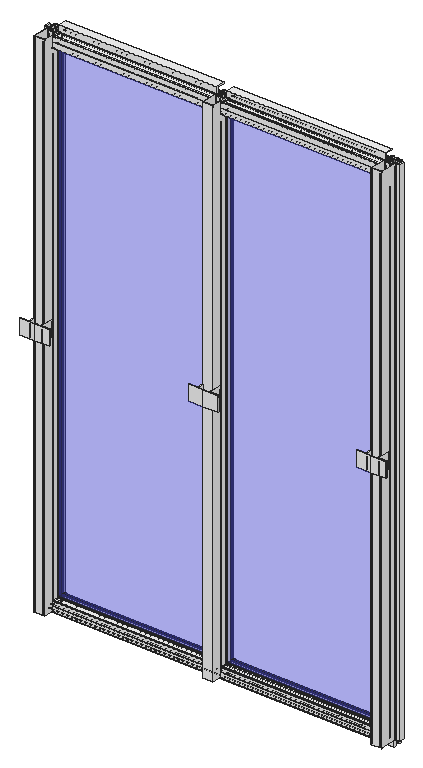
Revit family "Facade_60_Curtain_Wall_I21_Custom", category Windows, host Wall, Revit 2014 (continued)
Definition of nested family "F60 Vertical Profile Side_I21_Cust"
  Automatic sketch dimensions
    Extrusion 9 sketch curve to plane 1 "Center (Front/Back)" = 1.745 mm
    Extrusion 9 sketch curve to Extrusion 9 sketch curve = 0.356 mm
    plane 1 "Center (Front/Back)" to Extrusion 9 sketch curve = 9.206 mm  (x2)
    Extrusion 9 sketch curve to Extrusion 9 sketch curve = 1.647 mm
    Extrusion 9 sketch curve to Extrusion 9 sketch curve = 0.701 mm
    Extrusion 9 sketch curve to Extrusion 9 sketch curve = 0.992 mm
    Extrusion 9 sketch curve to Extrusion 9 sketch curve = 0.003 mm
    Extrusion 9 sketch curve to Extrusion 9 sketch curve = 0.002 mm
    Extrusion 9 sketch curve to Extrusion 9 sketch curve = 0.004 mm
    Extrusion 9 sketch curve to Extrusion 9 sketch curve = 0.708 mm
    Extrusion 9 sketch curve to plane 1 "Center (Front/Back)" = 1.946 mm
    Extrusion 9 sketch curve to Extrusion 9 sketch curve = 0.899 mm
    Extrusion 9 sketch curve to Extrusion 9 sketch curve = 0.444 mm
    Extrusion 9 sketch curve to Extrusion 9 sketch curve = 3.038 mm
    Extrusion 9 sketch curve to plane 1 "Center (Front/Back)" = 0.385 mm  (x2)
    Extrusion 9 sketch curve to Extrusion 9 sketch curve = 0.756 mm
    Extrusion 9 sketch curve to Extrusion 9 sketch curve = 2.153 mm
    Extrusion 9 sketch curve to Extrusion 9 sketch curve = 0.631 mm
    Extrusion 9 sketch curve to Extrusion 9 sketch curve = 0.807 mm
    Extrusion 9 sketch curve to Extrusion 9 sketch curve = 1.646 mm
    Extrusion 9 sketch curve to Extrusion 9 sketch curve = 0.707 mm
    Extrusion 9 sketch curve to Extrusion 9 sketch curve = 1.393 mm
    Extrusion 9 sketch curve to Extrusion 9 sketch curve = 1.923 mm
    Extrusion 9 sketch curve to Extrusion 9 sketch curve = 11.937 mm
    Extrusion 9 sketch curve to Extrusion 9 sketch curve = 1.6 mm
    Extrusion 9 sketch curve to Extrusion 9 sketch curve = 0.9 mm  (x2)
    Extrusion 9 sketch curve to Extrusion 9 sketch curve = 1.356 mm  (x2)
    Extrusion 9 sketch curve to Extrusion 9 sketch curve = 0.714 mm
    Extrusion 9 sketch curve to Extrusion 9 sketch curve = 0.02 mm
    Extrusion 9 sketch curve to Extrusion 9 sketch curve = 0.399 mm
    Extrusion 9 sketch curve to Extrusion 9 sketch curve = 2.224 mm
    Extrusion 9 sketch curve to Extrusion 9 sketch curve = 0.448 mm
    Extrusion 9 sketch curve to plane 1 "Center (Front/Back)" = 0.198 mm
    Extrusion 9 sketch curve to plane 1 "Center (Front/Back)" = 0.201 mm
    Extrusion 9 sketch curve to Extrusion 9 sketch curve = 0.032 mm
    Extrusion 9 sketch curve to Extrusion 9 sketch curve = 0 mm
    plane 3 "Center (Left/Right)" to Extrusion 10 sketch curve = 1.014 mm
    Extrusion 10 sketch curve to Extrusion 10 sketch curve = 0.469 mm  (x2)
    plane 3 "Center (Left/Right)" to Extrusion 10 sketch curve = 1.706 mm
    Extrusion 10 sketch curve to Extrusion 10 sketch curve = 1.079 mm
    Extrusion 10 sketch curve to Extrusion 10 sketch curve = 0.864 mm
    Extrusion 10 sketch curve to Extrusion 10 sketch curve = 1.15 mm  (x4)
    Extrusion 10 sketch curve to Extrusion 10 sketch curve = 3.2 mm  (x2)
    Extrusion 10 sketch curve to Extrusion 10 sketch curve = 3.031 mm  (x2)
    Extrusion 10 sketch curve to Extrusion 10 sketch curve = 0.6 mm  (x3)
    Extrusion 10 sketch curve to Extrusion 10 sketch curve = 15.584 mm  (x2)
    Extrusion 10 sketch curve to Extrusion 10 sketch curve = 0.808 mm  (x2)
    Extrusion 10 sketch curve to Extrusion 10 sketch curve = 3.038 mm
    Extrusion 10 sketch curve to Extrusion 10 sketch curve = 0.865 mm
    Extrusion 10 sketch curve to Extrusion 10 sketch curve = 1.25 mm  (x5)
    Extrusion 10 sketch curve to Extrusion 10 sketch curve = 0.61 mm
    plane 1 "Center (Front/Back)" to Extrusion 10 sketch curve = 31.288 mm
    Extrusion 10 sketch curve to Extrusion 10 sketch curve = 0.362 mm
    plane 1 "Center (Front/Back)" to Extrusion 10 sketch curve = 31.65 mm
    Extrusion 10 sketch curve to Extrusion 10 sketch curve = 0.962 mm
    Extrusion 10 sketch curve to Extrusion 10 sketch curve = 0.85 mm
    Extrusion 10 sketch curve to Extrusion 10 sketch curve = 0.512 mm  (x2)
    Extrusion 10 sketch curve to Extrusion 10 sketch curve = 0.4 mm  (x2)
    Extrusion 10 sketch curve to Extrusion 10 sketch curve = 1 mm
    Extrusion 10 sketch curve to Extrusion 10 sketch curve = 2.8 mm
    Extrusion 10 sketch curve to Extrusion 10 sketch curve = 0 mm  (x2)
    Extrusion 10 sketch curve to Extrusion 10 sketch curve = 1.4 mm
    Extrusion 10 sketch curve to Extrusion 10 sketch curve = 0.539 mm  (x2)
    plane 1 "Center (Front/Back)" to Extrusion 10 sketch curve = 28.864 mm
    Extrusion 11 sketch curve to plane 3 "Center (Left/Right)" = 0 mm
    plane 3 "Center (Left/Right)" to Extrusion 11 sketch curve = 0.65 mm
    Extrusion 11 sketch curve to Extrusion 11 sketch curve = 0.128 mm  (x2)
    plane 3 "Center (Left/Right)" to Extrusion 11 sketch curve = 1.014 mm
    plane 3 "Center (Left/Right)" to Extrusion 11 sketch curve = 1.05 mm
    Extrusion 11 sketch curve to Extrusion 11 sketch curve = 0.469 mm  (x2)
    Extrusion 11 sketch curve to Extrusion 11 sketch curve = 1.079 mm
    Extrusion 11 sketch curve to Extrusion 11 sketch curve = 1.317 mm  (x2)
    Extrusion 11 sketch curve to Extrusion 11 sketch curve = 0 mm  (x3)
    plane 3 "Center (Left/Right)" to Extrusion 11 sketch curve = 3.85 mm
    Extrusion 11 sketch curve to Extrusion 11 sketch curve = 0.15 mm  (x2)
    Extrusion 11 sketch curve to Extrusion 11 sketch curve = 26 mm  (x2)
    Extrusion 11 sketch curve to Extrusion 11 sketch curve = 1.05 mm
    Extrusion 11 sketch curve to Extrusion 11 sketch curve = 0.707 mm
    Extrusion 11 sketch curve to Extrusion 11 sketch curve = 0.433 mm
    plane 1 "Center (Front/Back)" to Extrusion 11 sketch curve = 31.288 mm
    plane 1 "Center (Front/Back)" to Extrusion 11 sketch curve = 28.065 mm
    Extrusion 11 sketch curve to Extrusion 11 sketch curve = 1.314 mm
    Extrusion 11 sketch curve to Extrusion 11 sketch curve = 0.65 mm
    Extrusion 11 sketch curve to Extrusion 11 sketch curve = 0.5 mm  (x2)
    plane 1 "Center (Front/Back)" to Extrusion 11 sketch curve = 32.75 mm
    Extrusion 11 sketch curve to Extrusion 11 sketch curve = 0.1 mm  (x3)
    Extrusion 11 sketch curve to Extrusion 11 sketch curve = 1.1 mm  (x2)
    Extrusion 11 sketch curve to Extrusion 11 sketch curve = 8.608 mm
    Extrusion 11 sketch curve to Extrusion 11 sketch curve = 0.962 mm
    Extrusion 12 sketch curve to plane 3 "Center (Left/Right)" = 21.349 mm
    Extrusion 12 sketch curve to Extrusion 12 sketch curve = 6.35 mm
    plane 3 "Center (Left/Right)" to Extrusion 12 sketch curve = 10.403 mm
    plane 1 "Center (Front/Back)" to Extrusion 12 sketch curve = 35.567 mm
    plane 1 "Center (Front/Back)" to Extrusion 12 sketch curve = 10.171 mm
    plane 1 "Center (Front/Back)" to Extrusion 12 sketch curve = 3.821 mm
    Extrusion 13 sketch curve to plane 3 "Center (Left/Right)" = 21.35 mm
    Extrusion 13 sketch curve to Extrusion 13 sketch curve = 6.35 mm
    plane 3 "Center (Left/Right)" to Extrusion 13 sketch curve = 10.402 mm
    plane 1 "Center (Front/Back)" to Extrusion 13 sketch curve = 33.172 mm
    plane 1 "Center (Front/Back)" to Extrusion 13 sketch curve = 7.775 mm
    plane 1 "Center (Front/Back)" to Extrusion 13 sketch curve = 1.425 mm
    Extrusion 14 sketch curve to plane 3 "Center (Left/Right)" = 0 mm
    plane 3 "Center (Left/Right)" to Extrusion 14 sketch curve = 1.2 mm
    Extrusion 14 sketch curve to Extrusion 14 sketch curve = 9.6 mm
    Extrusion 14 sketch curve to Extrusion 14 sketch curve = 1.2 mm  (x3)
    plane 1 "Center (Front/Back)" to Extrusion 14 sketch curve = 25.775 mm
    plane 1 "Center (Front/Back)" to Extrusion 14 sketch curve = 8.975 mm
    curve 4 to Extrusion 6 = 0 mm
    curve 3 to Extrusion 6 = 0 mm
    curve 1 to Extrusion 6 = 0 mm
    curve 4 to Extrusion 6 = 3.6 mm
    curve 3 to Extrusion 6 = 3.6 mm
    curve 1 to Extrusion 6 = 3.6 mm
    Extrusion 6 to curve 2 = 1 mm
    Extrusion 6 to curve 5 = 1 mm
    Extrusion 6 to curve 6 = 1 mm
    curve 6 to Extrusion 6 = 1 mm
    curve 5 to Extrusion 6 = 1 mm
    curve 2 to Extrusion 6 = 1 mm
    curve 9 to Extrusion 6 = 0 mm
    curve 8 to Extrusion 6 = 0 mm
    curve 7 to Extrusion 6 = 0 mm
    Extrusion 6 to curve 8 = 3.6 mm
    Extrusion 6 to curve 9 = 3.6 mm
    Extrusion 6 to curve 7 = 3.6 mm
    curve 12 to Extrusion 5 = 25.894 mm
    curve 11 to Extrusion 5 = 25.894 mm
    curve 10 to Extrusion 5 = 25.894 mm
    curve 10 to Extrusion 5 = 0.108 mm
    Extrusion 5 to curve 12 = 0.703 mm
    Extrusion 5 to curve 11 = 0.703 mm
    curve 13 to Extrusion 5 = 4 mm
    curve 14 to Extrusion 5 = 4 mm
    curve 15 to Extrusion 5 = 4 mm
    Extrusion 5 to curve 15 = 0.702 mm
    Extrusion 5 to curve 14 = 0.702 mm
    Extrusion 5 to curve 13 = 0.702 mm
    curve 18 to Extrusion 7 = 0 mm
    curve 17 to Extrusion 7 = 0 mm
    curve 16 to Extrusion 7 = 0 mm
    Extrusion 7 to curve 17 = 3.6 mm
    Extrusion 7 to curve 18 = 3.6 mm
    Extrusion 7 to curve 16 = 3.6 mm
    Extrusion 7 to curve 21 = 1 mm  (x2)
    Extrusion 7 to curve 20 = 1 mm  (x2)
    Extrusion 7 to curve 19 = 1 mm  (x2)
    curve 24 to Extrusion 7 = 0 mm
    curve 23 to Extrusion 7 = 0 mm
    curve 22 to Extrusion 7 = 0 mm
    curve 24 to Extrusion 7 = 3.6 mm
    curve 23 to Extrusion 7 = 3.6 mm
    curve 22 to Extrusion 7 = 3.6 mm
    curve 27 to Extrusion 8 = 0 mm
    curve 26 to Extrusion 8 = 0 mm
    curve 25 to Extrusion 8 = 0 mm
    Extrusion 8 to curve 26 = 3.6 mm
    Extrusion 8 to curve 27 = 3.6 mm
    Extrusion 8 to curve 25 = 3.6 mm
    Extrusion 8 to curve 30 = 0.221 mm
    Extrusion 8 to curve 29 = 0.221 mm
    Extrusion 8 to curve 28 = 0.221 mm
    curve 29 to Extrusion 8 = 0.222 mm
    curve 30 to Extrusion 8 = 0.222 mm
    curve 28 to Extrusion 8 = 0.222 mm
    curve 33 to Extrusion 8 = 0 mm
    curve 32 to Extrusion 8 = 0 mm
    curve 31 to Extrusion 8 = 0 mm
    curve 33 to Extrusion 8 = 3.6 mm
    curve 32 to Extrusion 8 = 3.6 mm
    curve 31 to Extrusion 8 = 3.6 mm
    curve 34 to Extrusion 11 = 4.016 mm
    curve 35 to Extrusion 11 = 4.016 mm
    curve 36 to Extrusion 11 = 3.97 mm
    Extrusion 11 to curve 36 = 0.637 mm
    Extrusion 11 to curve 35 = 0.637 mm
    Extrusion 11 to curve 34 = 0.637 mm
    curve 37 to Extrusion 11 = 29.221 mm
    curve 38 to Extrusion 11 = 29.221 mm
    curve 39 to Extrusion 11 = 29.221 mm
    Extrusion 11 to curve 39 = 3.222 mm
    Extrusion 11 to curve 38 = 3.222 mm
    Extrusion 11 to curve 37 = 3.222 mm
Definition of nested family "F60 Horizontal Profile Top_I21_Cust"
  Parameters (values of type "F60 Horizontal Profile Top")
    Thermal Break Material [instance] = none
    Single Glazing [instance] = yes
    Profile Material [instance] = none
    Length [instance] = 250 mm
    Double Glazing [instance] = yes
  Reference planes
    plane 1 "Center (Front/Back)": y = 0
    plane 2: z = 0
    plane 3 "Center (Left/Right)": x = 0
  Forms (mm)
    Extrusion 1, solid, material <- "Profile Material"
      sketch origin (0, 0, 0) x (0, 1, 0) y (0, 0, 1)
        loop
          line (-9.94, 7.845) -> (-8.37, 6.275) -> (-1.2, 10.415) -> (-1.2, 1.2) -> (-5, 1.2) -> (-5, 0) -> (-1, 0)
          arc (-1, 0) -> (-0.293, 0.293) -> (0, 1) r 1
          line (0, 1) -> (0, 30) -> (0, 59)
          arc (0, 59) -> (-0.293, 59.707) -> (-1, 60) r 1
          line (-1, 60) -> (-5, 60) -> (-5, 58.8) -> (-1.2, 58.8) -> (-1.2, 49.585) -> (-8.37, 53.725) -> (-9.94, 52.155)
          arc (-9.94, 52.155) -> (-9.902, 51.269) -> (-9.016, 51.232) r 0.655
          line (-9.016, 51.232) -> (-8.077, 52.17) -> (-1.2, 48.2) -> (-1.2, 30) -> (-1.2, 11.8) -> (-8.077, 7.83) -> (-9.016, 8.768)
          arc (-9.016, 8.768) -> (-9.902, 8.731) -> (-9.94, 7.845) r 0.655
      from 0 to 250 <- "Length"
    Extrusion 2, solid, material <- "Profile Material"
      sketch origin (0, 0, 0) x (0, 1, 0) y (0, 0, 1)
        loop
          line (-5, 60) -> (-44.6, 60) -> (-44.6, 58.35) -> (-39.944, 58.35) -> (-39.944, 1.65) -> (-44.6, 1.65) -> (-44.6, 0) -> (-5, 0) -> (-5, 2.2) -> (-4.2, 2.2) -> (-4.2, 3.018)
          arc (-4.2, 3.018) -> (-4.352, 3.783) -> (-4.786, 4.432) r 2
          line (-4.786, 4.432) -> (-7.054, 6.7) -> (-8, 6.489) -> (-8, 5.7) -> (-7.205, 5.7) -> (-7.205, 2.95) -> (-8, 2.95) -> (-8, 1.95) -> (-12.752, 1.95) -> (-12.752, 6.7) -> (-14.152, 6.7) -> (-14.152, 1.65) -> (-38.65, 1.65) -> (-38.65, 8.33) -> (-37.097, 8.33) -> (-34.666, 6.973)
          arc (-34.666, 6.973) -> (-33.846, 7.192) -> (-34.066, 8.012) r 0.6
          line (-34.066, 8.012) -> (-37.128, 9.78) -> (-38.65, 9.78) -> (-38.65, 12.65) -> (-37.6, 13.7) -> (-37.6, 20.3) -> (-38.65, 21.35) -> (-38.65, 38.65) -> (-37.6, 39.7) -> (-37.6, 46.3) -> (-38.65, 47.35) -> (-38.65, 50.22) -> (-37.128, 50.22) -> (-34.066, 51.988)
          arc (-34.066, 51.988) -> (-33.846, 52.808) -> (-34.666, 53.027) r 0.6
          line (-34.666, 53.027) -> (-37.032, 51.661) -> (-38.65, 51.661) -> (-38.65, 58.35) -> (-14.152, 58.35) -> (-14.152, 53.3) -> (-12.752, 53.3) -> (-12.752, 58.05) -> (-8, 58.05) -> (-8, 57.05) -> (-7.205, 57.05) -> (-7.205, 54.3) -> (-8, 54.3) -> (-8, 53.511) -> (-7.054, 53.3) -> (-4.786, 55.568)
          arc (-4.786, 55.568) -> (-4.352, 56.217) -> (-4.2, 56.982) r 2
          line (-4.2, 56.982) -> (-4.2, 57.8) -> (-5, 57.8) -> (-5, 60)
      from 0 to 250 <- "Length"
    Extrusion 3, solid, material <- "Thermal Break Material"
      sketch origin (0, 0, 0) x (0, 1, 0) y (0, 0, 1)
        loop
          line (-40, 1.75) -> (-40, 30) -> (-40, 58.25) -> (-44.6, 58.25) -> (-44.6, 60) -> (-45.9, 60) -> (-45.9, 53.65) -> (-41.788, 53.65)
          arc (-41.788, 53.65) -> (-41.363, 53.474) -> (-41.187, 53.05) r 0.6
          line (-41.187, 53.05) -> (-41.187, 30) -> (-41.187, 6.95)
          arc (-41.187, 6.95) -> (-41.363, 6.526) -> (-41.788, 6.35) r 0.6
          line (-41.788, 6.35) -> (-45.9, 6.35) -> (-45.9, 0) -> (-44.6, 0) -> (-44.6, 1.75) -> (-40, 1.75)
      from 0 to 250 <- "Length"
    Extrusion 4, solid, material <- "Profile Material"
      sketch origin (0, 0, 0) x (0, 1, 0) y (0, 0, 1)
        loop
          line (-58.5, 25.249) -> (-43.6, 25.249)
          arc (-43.6, 25.249) -> (-43.034, 25.015) -> (-42.8, 24.449) r 0.8
          line (-42.8, 24.449) -> (-42.8, 7.9) -> (-44.4, 7.9) -> (-44.4, 9.45) -> (-45.25, 9.45)
          arc (-45.25, 9.45) -> (-45.674, 9.274) -> (-45.85, 8.85) r 0.6
          line (-45.85, 8.85) -> (-45.85, 7.9) -> (-48.8, 7.9)
          arc (-48.8, 7.9) -> (-49.3, 8.4) -> (-49.8, 7.9) r 0.5
          line (-49.8, 7.9) -> (-49.8, 5.55) -> (-48.65, 5.55) -> (-48.65, 6.7) -> (-47.35, 6.7) -> (-47.35, 1.2) -> (-48.65, 1.2) -> (-48.65, 2.35) -> (-49.8, 2.35) -> (-49.8, 0.5)
          arc (-49.8, 0.5) -> (-49.654, 0.146) -> (-49.3, 0) r 0.5
          line (-49.3, 0) -> (-45.9, 0) -> (-45.9, 6.45) -> (-42.2, 6.45)
          arc (-42.2, 6.45) -> (-41.634, 6.684) -> (-41.4, 7.25) r 0.8
          line (-41.4, 7.25) -> (-41.4, 30) -> (-41.4, 52.75)
          arc (-41.4, 52.75) -> (-41.634, 53.316) -> (-42.2, 53.55) r 0.8
          line (-42.2, 53.55) -> (-45.9, 53.55) -> (-45.9, 60) -> (-49.3, 60)
          arc (-49.3, 60) -> (-49.654, 59.854) -> (-49.8, 59.5) r 0.5
          line (-49.8, 59.5) -> (-49.8, 57.65) -> (-48.65, 57.65) -> (-48.65, 58.8) -> (-47.35, 58.8) -> (-47.35, 53.3) -> (-48.65, 53.3) -> (-48.65, 54.45) -> (-49.8, 54.45) -> (-49.8, 52.1)
          arc (-49.8, 52.1) -> (-49.3, 51.6) -> (-48.8, 52.1) r 0.5
          line (-48.8, 52.1) -> (-45.85, 52.1) -> (-45.85, 51.15)
          arc (-45.85, 51.15) -> (-45.674, 50.726) -> (-45.25, 50.55) r 0.6
          line (-45.25, 50.55) -> (-44.4, 50.55) -> (-44.4, 52.1) -> (-42.8, 52.1) -> (-42.8, 35.551)
          arc (-42.8, 35.551) -> (-43.034, 34.985) -> (-43.6, 34.751) r 0.8
          line (-43.6, 34.751) -> (-58.5, 34.751)
          arc (-58.5, 34.751) -> (-59.066, 34.516) -> (-59.3, 33.951) r 0.8
          line (-59.3, 33.951) -> (-59.3, 32.902) -> (-42.8, 32.902) -> (-42.8, 27.1) -> (-59.3, 27.1) -> (-59.3, 26.049)
          arc (-59.3, 26.049) -> (-59.066, 25.484) -> (-58.5, 25.249) r 0.8
      from 0 to 250 <- "Length"
    Extrusion 5, solid, material <- "Thermal Break Material", visible <- "Single Glazing"
      sketch origin (0, 0, 0) x (0, 1, 0) y (0, 0, 1)
        loop
          arc (-63.8, 25.751) -> (-63.654, 25.397) -> (-63.3, 25.251) r 0.5
          line (-63.3, 25.251) -> (-59.8, 25.251)
          arc (-59.8, 25.251) -> (-59.446, 25.397) -> (-59.3, 25.751) r 0.5
          line (-59.3, 25.751) -> (-59.3, 27.648) -> (-49.599, 27.648) -> (-47.528, 28.651)
          arc (-47.528, 28.651) -> (-46.803, 30.001) -> (-47.528, 31.351) r 1.62
          line (-47.528, 31.351) -> (-49.599, 32.353) -> (-59.3, 32.353) -> (-59.3, 34.251)
          arc (-59.3, 34.251) -> (-59.446, 34.604) -> (-59.8, 34.751) r 0.5
          line (-59.8, 34.751) -> (-63.3, 34.751)
          arc (-63.3, 34.751) -> (-63.654, 34.604) -> (-63.8, 34.251) r 0.5
          line (-63.8, 34.251) -> (-63.8, 32.328) -> (-62.4, 31.52) -> (-62.4, 28.483) -> (-63.8, 27.673) -> (-63.8, 25.751)
        loop
          line (-59.794, 28.506) -> (-59.006, 29.294)
          arc (-59.006, 29.294) -> (-58.788, 29.618) -> (-58.713, 30.001) r 0.986
          arc (-58.713, 30.001) -> (-58.79, 30.384) -> (-59.008, 30.71) r 1.007
          line (-59.008, 30.71) -> (-59.794, 31.496) -> (-60.65, 31.496)
          arc (-60.65, 31.496) -> (-61.004, 31.349) -> (-61.15, 30.996) r 0.5
          line (-61.15, 30.996) -> (-61.15, 29.006)
          arc (-61.15, 29.006) -> (-61.004, 28.652) -> (-60.65, 28.506) r 0.5
          line (-60.65, 28.506) -> (-59.794, 28.506)
        loop
          line (-47.854, 30.898) -> (-49.415, 31.653) -> (-56.782, 31.653)
          arc (-56.782, 31.653) -> (-57.207, 31.417) -> (-57.23, 30.932) r 0.5
          arc (-57.23, 30.932) -> (-57.013, 30.001) -> (-57.23, 29.07) r 2.099
          arc (-57.23, 29.07) -> (-57.207, 28.584) -> (-56.782, 28.348) r 0.5
          line (-56.782, 28.348) -> (-49.415, 28.348) -> (-48.055, 29.007)
          arc (-48.055, 29.007) -> (-47.35, 29.888) -> (-47.854, 30.898) r 1.047
      from 0 to 250 <- "Length"
    Extrusion 6, solid, material <- "Profile Material", visible <- "Single Glazing"
      sketch origin (0, 0, 0) x (0, 1, 0) y (0, 0, 1)
        loop
          line (-63.8, 52.694) -> (-64.8, 52.694) -> (-64.8, 51.544) -> (-66.05, 51.544) -> (-66.05, 57.044) -> (-64.8, 57.044) -> (-64.8, 55.894) -> (-63.8, 55.894) -> (-63.8, 58.294)
          arc (-63.8, 58.294) -> (-64.082, 58.803) -> (-64.664, 58.835) r 0.6
          line (-64.664, 58.835) -> (-66.562, 57.91) -> (-67.088, 58.988) -> (-68.05, 58.519) -> (-68.05, 48.513)
          arc (-68.05, 48.513) -> (-67.874, 48.089) -> (-67.45, 47.913) r 0.6
          line (-67.45, 47.913) -> (-66.6, 47.913) -> (-66.6, 12.09) -> (-67.45, 12.09)
          arc (-67.45, 12.09) -> (-67.874, 11.914) -> (-68.05, 11.49) r 0.6
          line (-68.05, 11.49) -> (-68.05, 1.485) -> (-67.088, 1.016) -> (-66.562, 2.095) -> (-64.663, 1.169)
          arc (-64.663, 1.169) -> (-64.082, 1.2) -> (-63.8, 1.709) r 0.6
          line (-63.8, 1.709) -> (-63.8, 4.109) -> (-64.8, 4.109) -> (-64.8, 2.959) -> (-66.05, 2.959) -> (-66.05, 8.459) -> (-64.8, 8.459) -> (-64.8, 7.309) -> (-63.8, 7.309) -> (-63.8, 27.674) -> (-62.4, 28.483) -> (-62.4, 31.521) -> (-63.8, 32.329) -> (-63.8, 52.694)
      from 0 to 250 <- "Length"
    Extrusion 7, solid, material <- "Profile Material", visible <- "Single Glazing"
      sketch origin (0, 0, 0) x (0, 1, 0) y (0, 0, 1)
        loop
          line (-68.551, 3.3) -> (-76.559, 3.3) -> (-76.559, 30) -> (-76.559, 56.15)
          arc (-76.559, 56.15) -> (-75.739, 58.13) -> (-73.759, 58.95) r 2.8
          line (-73.759, 58.95) -> (-69.151, 58.95) -> (-69.151, 57.2)
          arc (-69.151, 57.2) -> (-68.987, 56.829) -> (-68.601, 56.703) r 0.5
          arc (-68.601, 56.703) -> (-68.216, 56.829) -> (-68.051, 57.2) r 0.5
          line (-68.051, 57.2) -> (-68.051, 58.517) -> (-67.089, 58.986) -> (-66.563, 57.907) -> (-63.866, 59.222)
          arc (-63.866, 59.222) -> (-64.001, 59.762) -> (-64.504, 60) r 0.65
          line (-64.504, 60) -> (-73.859, 60)
          arc (-73.859, 60) -> (-76.687, 58.828) -> (-77.859, 56) r 4
          line (-77.859, 56) -> (-77.859, 30) -> (-77.859, 2.493)
          arc (-77.859, 2.493) -> (-77.197, 0.799) -> (-75.562, 0.002) r 2.5
          arc (-75.562, 0.002) -> (-75.182, 0.132) -> (-75.021, 0.5) r 0.5
          line (-75.021, 0.5) -> (-75.021, 2) -> (-69.151, 2) -> (-69.151, 0.5)
          arc (-69.151, 0.5) -> (-69.005, 0.146) -> (-68.651, 0) r 0.5
          line (-68.651, 0) -> (-64.504, 0)
          arc (-64.504, 0) -> (-64.001, 0.238) -> (-63.866, 0.778) r 0.65
          line (-63.866, 0.778) -> (-66.563, 2.093) -> (-67.089, 1.014) -> (-68.051, 1.483) -> (-68.051, 2.8)
          arc (-68.051, 2.8) -> (-68.198, 3.154) -> (-68.551, 3.3) r 0.5
      from 0 to 250 <- "Length"
    Extrusion 8, solid, material <- "Thermal Break Material", visible <- "Double Glazing"
      sketch origin (0, 0, 0) x (0, 1, 0) y (0, 0, 1)
        loop
          line (-77.8, 27.673) -> (-77.8, 25.751)
          arc (-77.8, 25.751) -> (-77.654, 25.397) -> (-77.3, 25.251) r 0.5
          line (-77.3, 25.251) -> (-59.8, 25.251)
          arc (-59.8, 25.251) -> (-59.446, 25.397) -> (-59.3, 25.751) r 0.5
          line (-59.3, 25.751) -> (-59.3, 27.647) -> (-49.599, 27.647) -> (-47.528, 28.649)
          arc (-47.528, 28.649) -> (-46.803, 29.999) -> (-47.528, 31.349) r 1.62
          line (-47.528, 31.349) -> (-49.602, 32.353) -> (-59.3, 32.353) -> (-59.3, 34.251)
          arc (-59.3, 34.251) -> (-59.446, 34.604) -> (-59.8, 34.751) r 0.5
          line (-59.8, 34.751) -> (-77.3, 34.751)
          arc (-77.3, 34.751) -> (-77.654, 34.604) -> (-77.8, 34.251) r 0.5
          line (-77.8, 34.251) -> (-77.8, 32.327) -> (-76.4, 31.52) -> (-76.4, 28.482) -> (-77.8, 27.673)
        loop
          line (-59.006, 30.708) -> (-61.156, 32.858)
          arc (-61.156, 32.858) -> (-61.48, 33.074) -> (-61.863, 33.151) r 1
          line (-61.863, 33.151) -> (-73.8, 33.151)
          arc (-73.8, 33.151) -> (-74.507, 32.858) -> (-74.8, 32.151) r 1
          line (-74.8, 32.151) -> (-74.8, 27.851)
          arc (-74.8, 27.851) -> (-74.507, 27.144) -> (-73.8, 26.851) r 1
          line (-73.8, 26.851) -> (-61.863, 26.851)
          arc (-61.863, 26.851) -> (-61.48, 26.927) -> (-61.156, 27.144) r 1
          line (-61.156, 27.144) -> (-59.006, 29.294)
          arc (-59.006, 29.294) -> (-58.788, 29.618) -> (-58.713, 30.001) r 0.986
          arc (-58.713, 30.001) -> (-58.79, 30.383) -> (-59.006, 30.708) r 1.007
        loop
          line (-56.782, 28.347) -> (-49.415, 28.347) -> (-48.055, 29.005)
          arc (-48.055, 29.005) -> (-47.35, 29.887) -> (-47.854, 30.896) r 1.047
          line (-47.854, 30.896) -> (-49.415, 31.652) -> (-56.782, 31.652)
          arc (-56.782, 31.652) -> (-57.207, 31.416) -> (-57.23, 30.93) r 0.5
          arc (-57.23, 30.93) -> (-57.013, 29.999) -> (-57.23, 29.068) r 2.099
          arc (-57.23, 29.068) -> (-57.207, 28.583) -> (-56.782, 28.347) r 0.5
      from 0 to 250 <- "Length"
    Extrusion 9, solid, material <- "Profile Material", visible <- "Double Glazing"
      sketch origin (0, 0, 0) x (0, 1, 0) y (0, 0, 1)
        loop
          line (-77.8, 52.694) -> (-78.8, 52.694) -> (-78.8, 51.544) -> (-80.05, 51.544) -> (-80.05, 57.044) -> (-78.8, 57.044) -> (-78.8, 55.894) -> (-77.8, 55.894) -> (-77.8, 58.294)
          arc (-77.8, 58.294) -> (-78.082, 58.802) -> (-78.664, 58.834) r 0.6
          line (-78.664, 58.834) -> (-80.562, 57.909) -> (-81.088, 58.988) -> (-82.05, 58.518) -> (-82.05, 48.512)
          arc (-82.05, 48.512) -> (-81.874, 48.088) -> (-81.45, 47.912) r 0.6
          line (-81.45, 47.912) -> (-80.6, 47.912) -> (-80.6, 12.089) -> (-81.45, 12.089)
          arc (-81.45, 12.089) -> (-81.874, 11.913) -> (-82.05, 11.489) r 0.6
          line (-82.05, 11.489) -> (-82.05, 1.484) -> (-81.088, 1.015) -> (-80.562, 2.094) -> (-78.663, 1.169)
          arc (-78.663, 1.169) -> (-78.082, 1.199) -> (-77.8, 1.708) r 0.6
          line (-77.8, 1.708) -> (-77.8, 4.108) -> (-78.8, 4.108) -> (-78.8, 2.958) -> (-80.05, 2.958) -> (-80.05, 8.458) -> (-78.8, 8.458) -> (-78.8, 7.308) -> (-77.8, 7.308) -> (-77.8, 27.673) -> (-76.4, 28.482) -> (-76.4, 31.52) -> (-77.8, 32.328) -> (-77.8, 52.694)
      from 0 to 250 <- "Length"
    Extrusion 10, solid, material <- "Profile Material", visible <- "Double Glazing"
      sketch origin (0, 0, 0) x (0, 1, 0) y (0, 0, 1)
        loop
          line (-82.551, 3.3) -> (-90.558, 3.3) -> (-90.558, 30) -> (-90.558, 56.15)
          arc (-90.558, 56.15) -> (-89.738, 58.13) -> (-87.758, 58.95) r 2.8
          line (-87.758, 58.95) -> (-83.151, 58.95) -> (-83.151, 57.2)
          arc (-83.151, 57.2) -> (-82.986, 56.829) -> (-82.601, 56.703) r 0.5
          arc (-82.601, 56.703) -> (-82.215, 56.829) -> (-82.051, 57.2) r 0.5
          line (-82.051, 57.2) -> (-82.051, 58.517) -> (-81.088, 58.986) -> (-80.563, 57.907) -> (-77.866, 59.222)
          arc (-77.866, 59.222) -> (-78, 59.762) -> (-78.503, 60) r 0.65
          line (-78.503, 60) -> (-87.858, 60)
          arc (-87.858, 60) -> (-90.687, 58.828) -> (-91.858, 56) r 4
          line (-91.858, 56) -> (-91.858, 30) -> (-91.858, 2.493)
          arc (-91.858, 2.493) -> (-91.196, 0.799) -> (-89.561, 0.002) r 2.5
          arc (-89.561, 0.002) -> (-89.182, 0.132) -> (-89.021, 0.5) r 0.5
          line (-89.021, 0.5) -> (-89.021, 2) -> (-83.151, 2) -> (-83.151, 0.5)
          arc (-83.151, 0.5) -> (-83.004, 0.146) -> (-82.651, 0) r 0.5
          line (-82.651, 0) -> (-78.503, 0)
          arc (-78.503, 0) -> (-78, 0.238) -> (-77.866, 0.778) r 0.65
          line (-77.866, 0.778) -> (-80.563, 2.093) -> (-81.088, 1.014) -> (-82.051, 1.483) -> (-82.051, 2.8)
          arc (-82.051, 2.8) -> (-82.197, 3.154) -> (-82.551, 3.3) r 0.5
      from 0 to 250 <- "Length"
    Extrusion 11, solid, material <- "Profile Material", visible <- "Double Glazing"
      sketch origin (0, 0, 0) x (0, 1, 0) y (0, 0, 1)
        loop
          line (-57.8, 45.73) -> (-51.8, 45.73) -> (-51.8, 95.73) -> (-101.8, 95.73) -> (-101.8, 89.73) -> (-57.8, 89.73) -> (-57.8, 45.73)
      from 0 to 250 <- "Length"
    Extrusion 12, solid, material <- "Profile Material", visible <- "Double Glazing"
      sketch origin (0, 0, 0) x (0, 1, 0) y (0, 0, 1)
        loop
          line (-75.8, 48) -> (-57.8, 48) -> (-57.8, 60) -> (-75.8, 60) -> (-75.8, 48)
        loop
          line (-74.6, 49.2) -> (-59, 49.2) -> (-59, 58.8) -> (-74.6, 58.8) -> (-74.6, 49.2)
      from 0 to 250 <- "Length"
    Extrusion 13, solid, material <- "Profile Material", visible <- "Single Glazing"
      sketch origin (0, 0, 0) x (0, 1, 0) y (0, 0, 1)
        loop
          line (-59.8, 45.865) -> (-53.8, 45.865) -> (-53.8, 95.865) -> (-103.8, 95.865) -> (-103.8, 89.865) -> (-59.8, 89.865) -> (-59.8, 45.865)
      from 0 to 250 <- "Length"
  Dimensions and locks
    aligned and locked: level to plane 2
Definition of nested family "F60 Sill_I21_Cust"
  Parameters (values of type "F60 Sill")
    Profile Material [instance] = none
    Length Sill [instance] = 250 mm
  Reference planes
    plane 1 "Center (Front/Back)": y = 0
    plane 2: z = 0
    plane 3 "Center (Left/Right)": x = 0
  Forms (mm)
    Extrusion 1, solid, material <- "Profile Material"
      sketch origin (0, 0, 0) x (0, 1, 0) y (0, 0, 1)
        loop
          line (-42.734, 5.324) -> (-48.256, 4.643)
          arc (-48.256, 4.643) -> (-49.196, 4.147) -> (-49.572, 3.154) r 1.5
          line (-49.572, 3.154) -> (-49.572, 1.88) -> (-47.772, 1.88) -> (-47.772, 3.191) -> (-19.233, 6.714)
          arc (-19.233, 6.714) -> (-17.924, 7.083) -> (-16.785, 7.826) r 4.5
          line (-16.785, 7.826) -> (-16.785, 1.88) -> (-15.285, 1.88) -> (-15.285, 24.58)
          arc (-15.285, 24.58) -> (-15.109, 25.004) -> (-14.685, 25.18) r 0.6
          line (-14.685, 25.18) -> (-4.072, 25.18) -> (-4.072, 1.88) -> (-2.572, 1.88) -> (-2.572, 29.88) -> (-4.072, 29.88) -> (-4.072, 28.88) -> (-5.222, 28.88) -> (-5.222, 27.68) -> (-4.072, 27.68) -> (-4.072, 26.38) -> (-9.572, 26.38) -> (-9.572, 27.68) -> (-8.422, 27.68) -> (-8.422, 28.88) -> (-10.172, 28.88)
          arc (-10.172, 28.88) -> (-10.597, 28.704) -> (-10.772, 28.28) r 0.6
          line (-10.772, 28.28) -> (-10.772, 26.38) -> (-15.285, 26.38)
          arc (-15.285, 26.38) -> (-16.345, 25.941) -> (-16.785, 24.88) r 1.5
          line (-16.785, 24.88) -> (-16.785, 11.18)
          arc (-16.785, 11.18) -> (-17.537, 9.193) -> (-19.417, 8.203) r 3
          line (-19.417, 8.203) -> (-39.35, 5.742)
          arc (-39.35, 5.742) -> (-40.527, 6.107) -> (-41.034, 7.231) r 1.5
          line (-41.034, 7.231) -> (-41.034, 19.996)
          arc (-41.034, 19.996) -> (-40.883, 20.394) -> (-40.507, 20.592) r 0.6
          line (-40.507, 20.592) -> (-32.917, 21.529)
          arc (-32.917, 21.529) -> (-31.977, 22.024) -> (-31.601, 23.017) r 1.5
          line (-31.601, 23.017) -> (-31.601, 28.88) -> (-33.101, 28.88) -> (-33.101, 23.548)
          arc (-33.101, 23.548) -> (-33.251, 23.15) -> (-33.627, 22.952) r 0.6
          line (-33.627, 22.952) -> (-45.787, 21.451)
          arc (-45.787, 21.451) -> (-46.727, 20.956) -> (-47.104, 19.962) r 1.5
          line (-47.104, 19.962) -> (-47.104, 19.054)
          arc (-47.104, 19.054) -> (-46.957, 18.7) -> (-46.604, 18.554) r 0.5
          line (-46.604, 18.554) -> (-45.604, 18.554) -> (-45.604, 19.962) -> (-42.734, 20.317) -> (-42.734, 5.324)
      from 0 to 250 <- "Length Sill"
  Dimensions and locks
    aligned and locked: level to plane 2
Definition of nested family "F60 Horizontal Profile Bottom_I21_Cust"
  Parameters (values of type "F60 Horizontal Profile Bottom")
    Thermal Break Material [instance] = none
    Single Glazing [instance] = yes
    Profile Material [instance] = none
    Length [instance] = 250 mm
    Double Glazing [instance] = yes
  Reference planes
    plane 1 "Center (Front/Back)": y = 0
    plane 2: z = 0
    plane 3 "Center (Left/Right)": x = 0
  Forms (mm)
    Extrusion 1, solid, material <- "Profile Material"
      sketch origin (0, 0, 0) x (0, 1, 0) y (0, 0, 1)
        loop
          line (-9.94, 7.845) -> (-8.37, 6.275) -> (-1.2, 10.415) -> (-1.2, 1.2) -> (-5, 1.2) -> (-5, 0) -> (-1, 0)
          arc (-1, 0) -> (-0.293, 0.293) -> (0, 1) r 1
          line (0, 1) -> (0, 30) -> (0, 59)
          arc (0, 59) -> (-0.293, 59.707) -> (-1, 60) r 1
          line (-1, 60) -> (-5, 60) -> (-5, 58.8) -> (-1.2, 58.8) -> (-1.2, 49.585) -> (-8.37, 53.725) -> (-9.94, 52.155)
          arc (-9.94, 52.155) -> (-9.902, 51.269) -> (-9.016, 51.232) r 0.655
          line (-9.016, 51.232) -> (-8.077, 52.17) -> (-1.2, 48.2) -> (-1.2, 30) -> (-1.2, 11.8) -> (-8.077, 7.83) -> (-9.016, 8.768)
          arc (-9.016, 8.768) -> (-9.902, 8.731) -> (-9.94, 7.845) r 0.655
      from 0 to 250 <- "Length"
    Extrusion 2, solid, material <- "Profile Material"
      sketch origin (0, 0, 0) x (0, 1, 0) y (0, 0, 1)
        loop
          line (-5, 60) -> (-44.6, 60) -> (-44.6, 58.35) -> (-39.944, 58.35) -> (-39.944, 1.65) -> (-44.6, 1.65) -> (-44.6, 0) -> (-5, 0) -> (-5, 2.2) -> (-4.2, 2.2) -> (-4.2, 3.018)
          arc (-4.2, 3.018) -> (-4.352, 3.783) -> (-4.786, 4.432) r 2
          line (-4.786, 4.432) -> (-7.054, 6.7) -> (-8, 6.489) -> (-8, 5.7) -> (-7.205, 5.7) -> (-7.205, 2.95) -> (-8, 2.95) -> (-8, 1.95) -> (-12.752, 1.95) -> (-12.752, 6.7) -> (-14.152, 6.7) -> (-14.152, 1.65) -> (-38.65, 1.65) -> (-38.65, 8.33) -> (-37.097, 8.33) -> (-34.666, 6.973)
          arc (-34.666, 6.973) -> (-33.846, 7.192) -> (-34.066, 8.012) r 0.6
          line (-34.066, 8.012) -> (-37.128, 9.78) -> (-38.65, 9.78) -> (-38.65, 12.65) -> (-37.6, 13.7) -> (-37.6, 20.3) -> (-38.65, 21.35) -> (-38.65, 38.65) -> (-37.6, 39.7) -> (-37.6, 46.3) -> (-38.65, 47.35) -> (-38.65, 50.22) -> (-37.128, 50.22) -> (-34.066, 51.988)
          arc (-34.066, 51.988) -> (-33.846, 52.808) -> (-34.666, 53.027) r 0.6
          line (-34.666, 53.027) -> (-37.032, 51.661) -> (-38.65, 51.661) -> (-38.65, 58.35) -> (-14.152, 58.35) -> (-14.152, 53.3) -> (-12.752, 53.3) -> (-12.752, 58.05) -> (-8, 58.05) -> (-8, 57.05) -> (-7.205, 57.05) -> (-7.205, 54.3) -> (-8, 54.3) -> (-8, 53.511) -> (-7.054, 53.3) -> (-4.786, 55.568)
          arc (-4.786, 55.568) -> (-4.352, 56.217) -> (-4.2, 56.982) r 2
          line (-4.2, 56.982) -> (-4.2, 57.8) -> (-5, 57.8) -> (-5, 60)
      from 0 to 250 <- "Length"
    Extrusion 3, solid, material <- "Thermal Break Material"
      sketch origin (0, 0, 0) x (0, 1, 0) y (0, 0, 1)
        loop
          line (-40, 1.75) -> (-40, 30) -> (-40, 58.25) -> (-44.6, 58.25) -> (-44.6, 60) -> (-45.9, 60) -> (-45.9, 53.65) -> (-41.788, 53.65)
          arc (-41.788, 53.65) -> (-41.363, 53.474) -> (-41.187, 53.05) r 0.6
          line (-41.187, 53.05) -> (-41.187, 30) -> (-41.187, 6.95)
          arc (-41.187, 6.95) -> (-41.363, 6.526) -> (-41.788, 6.35) r 0.6
          line (-41.788, 6.35) -> (-45.9, 6.35) -> (-45.9, 0) -> (-44.6, 0) -> (-44.6, 1.75) -> (-40, 1.75)
      from 0 to 250 <- "Length"
    Extrusion 4, solid, material <- "Profile Material"
      sketch origin (0, 0, 0) x (0, 1, 0) y (0, 0, 1)
        loop
          line (-58.5, 25.249) -> (-43.6, 25.249)
          arc (-43.6, 25.249) -> (-43.034, 25.015) -> (-42.8, 24.449) r 0.8
          line (-42.8, 24.449) -> (-42.8, 7.9) -> (-44.4, 7.9) -> (-44.4, 9.45) -> (-45.25, 9.45)
          arc (-45.25, 9.45) -> (-45.674, 9.274) -> (-45.85, 8.85) r 0.6
          line (-45.85, 8.85) -> (-45.85, 7.9) -> (-48.8, 7.9)
          arc (-48.8, 7.9) -> (-49.3, 8.4) -> (-49.8, 7.9) r 0.5
          line (-49.8, 7.9) -> (-49.8, 5.55) -> (-48.65, 5.55) -> (-48.65, 6.7) -> (-47.35, 6.7) -> (-47.35, 1.2) -> (-48.65, 1.2) -> (-48.65, 2.35) -> (-49.8, 2.35) -> (-49.8, 0.5)
          arc (-49.8, 0.5) -> (-49.654, 0.146) -> (-49.3, 0) r 0.5
          line (-49.3, 0) -> (-45.9, 0) -> (-45.9, 6.45) -> (-42.2, 6.45)
          arc (-42.2, 6.45) -> (-41.634, 6.684) -> (-41.4, 7.25) r 0.8
          line (-41.4, 7.25) -> (-41.4, 30) -> (-41.4, 52.75)
          arc (-41.4, 52.75) -> (-41.634, 53.316) -> (-42.2, 53.55) r 0.8
          line (-42.2, 53.55) -> (-45.9, 53.55) -> (-45.9, 60) -> (-49.3, 60)
          arc (-49.3, 60) -> (-49.654, 59.854) -> (-49.8, 59.5) r 0.5
          line (-49.8, 59.5) -> (-49.8, 57.65) -> (-48.65, 57.65) -> (-48.65, 58.8) -> (-47.35, 58.8) -> (-47.35, 53.3) -> (-48.65, 53.3) -> (-48.65, 54.45) -> (-49.8, 54.45) -> (-49.8, 52.1)
          arc (-49.8, 52.1) -> (-49.3, 51.6) -> (-48.8, 52.1) r 0.5
          line (-48.8, 52.1) -> (-45.85, 52.1) -> (-45.85, 51.15)
          arc (-45.85, 51.15) -> (-45.674, 50.726) -> (-45.25, 50.55) r 0.6
          line (-45.25, 50.55) -> (-44.4, 50.55) -> (-44.4, 52.1) -> (-42.8, 52.1) -> (-42.8, 35.551)
          arc (-42.8, 35.551) -> (-43.034, 34.985) -> (-43.6, 34.751) r 0.8
          line (-43.6, 34.751) -> (-58.5, 34.751)
          arc (-58.5, 34.751) -> (-59.066, 34.516) -> (-59.3, 33.951) r 0.8
          line (-59.3, 33.951) -> (-59.3, 32.902) -> (-42.8, 32.902) -> (-42.8, 27.1) -> (-59.3, 27.1) -> (-59.3, 26.049)
          arc (-59.3, 26.049) -> (-59.066, 25.484) -> (-58.5, 25.249) r 0.8
      from 0 to 250 <- "Length"
    Extrusion 5, solid, material <- "Thermal Break Material", visible <- "Single Glazing"
      sketch origin (0, 0, 0) x (0, 1, 0) y (0, 0, 1)
        loop
          arc (-63.8, 25.751) -> (-63.654, 25.397) -> (-63.3, 25.251) r 0.5
          line (-63.3, 25.251) -> (-59.8, 25.251)
          arc (-59.8, 25.251) -> (-59.446, 25.397) -> (-59.3, 25.751) r 0.5
          line (-59.3, 25.751) -> (-59.3, 27.648) -> (-49.599, 27.648) -> (-47.528, 28.651)
          arc (-47.528, 28.651) -> (-46.803, 30.001) -> (-47.528, 31.351) r 1.62
          line (-47.528, 31.351) -> (-49.599, 32.353) -> (-59.3, 32.353) -> (-59.3, 34.251)
          arc (-59.3, 34.251) -> (-59.446, 34.604) -> (-59.8, 34.751) r 0.5
          line (-59.8, 34.751) -> (-63.3, 34.751)
          arc (-63.3, 34.751) -> (-63.654, 34.604) -> (-63.8, 34.251) r 0.5
          line (-63.8, 34.251) -> (-63.8, 32.328) -> (-62.4, 31.52) -> (-62.4, 28.483) -> (-63.8, 27.673) -> (-63.8, 25.751)
        loop
          line (-59.794, 28.506) -> (-59.006, 29.294)
          arc (-59.006, 29.294) -> (-58.788, 29.618) -> (-58.713, 30.001) r 0.986
          arc (-58.713, 30.001) -> (-58.79, 30.384) -> (-59.008, 30.71) r 1.007
          line (-59.008, 30.71) -> (-59.794, 31.496) -> (-60.65, 31.496)
          arc (-60.65, 31.496) -> (-61.004, 31.349) -> (-61.15, 30.996) r 0.5
          line (-61.15, 30.996) -> (-61.15, 29.006)
          arc (-61.15, 29.006) -> (-61.004, 28.652) -> (-60.65, 28.506) r 0.5
          line (-60.65, 28.506) -> (-59.794, 28.506)
        loop
          line (-47.854, 30.898) -> (-49.415, 31.653) -> (-56.782, 31.653)
          arc (-56.782, 31.653) -> (-57.207, 31.417) -> (-57.23, 30.932) r 0.5
          arc (-57.23, 30.932) -> (-57.013, 30.001) -> (-57.23, 29.07) r 2.099
          arc (-57.23, 29.07) -> (-57.207, 28.584) -> (-56.782, 28.348) r 0.5
          line (-56.782, 28.348) -> (-49.415, 28.348) -> (-48.055, 29.007)
          arc (-48.055, 29.007) -> (-47.35, 29.888) -> (-47.854, 30.898) r 1.047
      from 0 to 250 <- "Length"
    Extrusion 6, solid, material <- "Profile Material", visible <- "Single Glazing"
      sketch origin (0, 0, 0) x (0, 1, 0) y (0, 0, 1)
        loop
          line (-63.8, 52.694) -> (-64.8, 52.694) -> (-64.8, 51.544) -> (-66.05, 51.544) -> (-66.05, 57.044) -> (-64.8, 57.044) -> (-64.8, 55.894) -> (-63.8, 55.894) -> (-63.8, 58.294)
          arc (-63.8, 58.294) -> (-64.082, 58.803) -> (-64.664, 58.835) r 0.6
          line (-64.664, 58.835) -> (-66.562, 57.91) -> (-67.088, 58.988) -> (-68.05, 58.519) -> (-68.05, 48.513)
          arc (-68.05, 48.513) -> (-67.874, 48.089) -> (-67.45, 47.913) r 0.6
          line (-67.45, 47.913) -> (-66.6, 47.913) -> (-66.6, 12.09) -> (-67.45, 12.09)
          arc (-67.45, 12.09) -> (-67.874, 11.914) -> (-68.05, 11.49) r 0.6
          line (-68.05, 11.49) -> (-68.05, 1.485) -> (-67.088, 1.016) -> (-66.562, 2.095) -> (-64.663, 1.169)
          arc (-64.663, 1.169) -> (-64.082, 1.2) -> (-63.8, 1.709) r 0.6
          line (-63.8, 1.709) -> (-63.8, 4.109) -> (-64.8, 4.109) -> (-64.8, 2.959) -> (-66.05, 2.959) -> (-66.05, 8.459) -> (-64.8, 8.459) -> (-64.8, 7.309) -> (-63.8, 7.309) -> (-63.8, 27.674) -> (-62.4, 28.483) -> (-62.4, 31.521) -> (-63.8, 32.329) -> (-63.8, 52.694)
      from 0 to 250 <- "Length"
    Extrusion 7, solid, material <- "Profile Material", visible <- "Single Glazing"
      sketch origin (0, 0, 0) x (0, 1, 0) y (0, 0, 1)
        loop
          line (-68.551, 3.3) -> (-76.559, 3.3) -> (-76.559, 30) -> (-76.559, 56.15)
          arc (-76.559, 56.15) -> (-75.739, 58.13) -> (-73.759, 58.95) r 2.8
          line (-73.759, 58.95) -> (-69.151, 58.95) -> (-69.151, 57.2)
          arc (-69.151, 57.2) -> (-68.987, 56.829) -> (-68.601, 56.703) r 0.5
          arc (-68.601, 56.703) -> (-68.216, 56.829) -> (-68.051, 57.2) r 0.5
          line (-68.051, 57.2) -> (-68.051, 58.517) -> (-67.089, 58.986) -> (-66.563, 57.907) -> (-63.866, 59.222)
          arc (-63.866, 59.222) -> (-64.001, 59.762) -> (-64.504, 60) r 0.65
          line (-64.504, 60) -> (-73.859, 60)
          arc (-73.859, 60) -> (-76.687, 58.828) -> (-77.859, 56) r 4
          line (-77.859, 56) -> (-77.859, 30) -> (-77.859, 2.493)
          arc (-77.859, 2.493) -> (-77.197, 0.799) -> (-75.562, 0.002) r 2.5
          arc (-75.562, 0.002) -> (-75.182, 0.132) -> (-75.021, 0.5) r 0.5
          line (-75.021, 0.5) -> (-75.021, 2) -> (-69.151, 2) -> (-69.151, 0.5)
          arc (-69.151, 0.5) -> (-69.005, 0.146) -> (-68.651, 0) r 0.5
          line (-68.651, 0) -> (-64.504, 0)
          arc (-64.504, 0) -> (-64.001, 0.238) -> (-63.866, 0.778) r 0.65
          line (-63.866, 0.778) -> (-66.563, 2.093) -> (-67.089, 1.014) -> (-68.051, 1.483) -> (-68.051, 2.8)
          arc (-68.051, 2.8) -> (-68.198, 3.154) -> (-68.551, 3.3) r 0.5
      from 0 to 250 <- "Length"
    Extrusion 8, solid, material <- "Thermal Break Material", visible <- "Double Glazing"
      sketch origin (0, 0, 0) x (0, 1, 0) y (0, 0, 1)
        loop
          line (-77.8, 27.673) -> (-77.8, 25.751)
          arc (-77.8, 25.751) -> (-77.654, 25.397) -> (-77.3, 25.251) r 0.5
          line (-77.3, 25.251) -> (-59.8, 25.251)
          arc (-59.8, 25.251) -> (-59.446, 25.397) -> (-59.3, 25.751) r 0.5
          line (-59.3, 25.751) -> (-59.3, 27.647) -> (-49.599, 27.647) -> (-47.528, 28.649)
          arc (-47.528, 28.649) -> (-46.803, 29.999) -> (-47.528, 31.349) r 1.62
          line (-47.528, 31.349) -> (-49.602, 32.353) -> (-59.3, 32.353) -> (-59.3, 34.251)
          arc (-59.3, 34.251) -> (-59.446, 34.604) -> (-59.8, 34.751) r 0.5
          line (-59.8, 34.751) -> (-77.3, 34.751)
          arc (-77.3, 34.751) -> (-77.654, 34.604) -> (-77.8, 34.251) r 0.5
          line (-77.8, 34.251) -> (-77.8, 32.327) -> (-76.4, 31.52) -> (-76.4, 28.482) -> (-77.8, 27.673)
        loop
          line (-59.006, 30.708) -> (-61.156, 32.858)
          arc (-61.156, 32.858) -> (-61.48, 33.074) -> (-61.863, 33.151) r 1
          line (-61.863, 33.151) -> (-73.8, 33.151)
          arc (-73.8, 33.151) -> (-74.507, 32.858) -> (-74.8, 32.151) r 1
          line (-74.8, 32.151) -> (-74.8, 27.851)
          arc (-74.8, 27.851) -> (-74.507, 27.144) -> (-73.8, 26.851) r 1
          line (-73.8, 26.851) -> (-61.863, 26.851)
          arc (-61.863, 26.851) -> (-61.48, 26.927) -> (-61.156, 27.144) r 1
          line (-61.156, 27.144) -> (-59.006, 29.294)
          arc (-59.006, 29.294) -> (-58.788, 29.618) -> (-58.713, 30.001) r 0.986
          arc (-58.713, 30.001) -> (-58.79, 30.383) -> (-59.006, 30.708) r 1.007
        loop
          line (-56.782, 28.347) -> (-49.415, 28.347) -> (-48.055, 29.005)
          arc (-48.055, 29.005) -> (-47.35, 29.887) -> (-47.854, 30.896) r 1.047
          line (-47.854, 30.896) -> (-49.415, 31.652) -> (-56.782, 31.652)
          arc (-56.782, 31.652) -> (-57.207, 31.416) -> (-57.23, 30.93) r 0.5
          arc (-57.23, 30.93) -> (-57.013, 29.999) -> (-57.23, 29.068) r 2.099
          arc (-57.23, 29.068) -> (-57.207, 28.583) -> (-56.782, 28.347) r 0.5
      from 0 to 250 <- "Length"
    Extrusion 9, solid, material <- "Profile Material", visible <- "Double Glazing"
      sketch origin (0, 0, 0) x (0, 1, 0) y (0, 0, 1)
        loop
          line (-77.8, 52.694) -> (-78.8, 52.694) -> (-78.8, 51.544) -> (-80.05, 51.544) -> (-80.05, 57.044) -> (-78.8, 57.044) -> (-78.8, 55.894) -> (-77.8, 55.894) -> (-77.8, 58.294)
          arc (-77.8, 58.294) -> (-78.082, 58.802) -> (-78.664, 58.834) r 0.6
          line (-78.664, 58.834) -> (-80.562, 57.909) -> (-81.088, 58.988) -> (-82.05, 58.518) -> (-82.05, 48.512)
          arc (-82.05, 48.512) -> (-81.874, 48.088) -> (-81.45, 47.912) r 0.6
          line (-81.45, 47.912) -> (-80.6, 47.912) -> (-80.6, 12.089) -> (-81.45, 12.089)
          arc (-81.45, 12.089) -> (-81.874, 11.913) -> (-82.05, 11.489) r 0.6
          line (-82.05, 11.489) -> (-82.05, 1.484) -> (-81.088, 1.015) -> (-80.562, 2.094) -> (-78.663, 1.169)
          arc (-78.663, 1.169) -> (-78.082, 1.199) -> (-77.8, 1.708) r 0.6
          line (-77.8, 1.708) -> (-77.8, 4.108) -> (-78.8, 4.108) -> (-78.8, 2.958) -> (-80.05, 2.958) -> (-80.05, 8.458) -> (-78.8, 8.458) -> (-78.8, 7.308) -> (-77.8, 7.308) -> (-77.8, 27.673) -> (-76.4, 28.482) -> (-76.4, 31.52) -> (-77.8, 32.328) -> (-77.8, 52.694)
      from 0 to 250 <- "Length"
    Extrusion 10, solid, material <- "Profile Material", visible <- "Double Glazing"
      sketch origin (0, 0, 0) x (0, 1, 0) y (0, 0, 1)
        loop
          line (-82.551, 3.3) -> (-90.558, 3.3) -> (-90.558, 30) -> (-90.558, 56.15)
          arc (-90.558, 56.15) -> (-89.738, 58.13) -> (-87.758, 58.95) r 2.8
          line (-87.758, 58.95) -> (-83.151, 58.95) -> (-83.151, 57.2)
          arc (-83.151, 57.2) -> (-82.986, 56.829) -> (-82.601, 56.703) r 0.5
          arc (-82.601, 56.703) -> (-82.215, 56.829) -> (-82.051, 57.2) r 0.5
          line (-82.051, 57.2) -> (-82.051, 58.517) -> (-81.088, 58.986) -> (-80.563, 57.907) -> (-77.866, 59.222)
          arc (-77.866, 59.222) -> (-78, 59.762) -> (-78.503, 60) r 0.65
          line (-78.503, 60) -> (-87.858, 60)
          arc (-87.858, 60) -> (-90.687, 58.828) -> (-91.858, 56) r 4
          line (-91.858, 56) -> (-91.858, 30) -> (-91.858, 2.493)
          arc (-91.858, 2.493) -> (-91.196, 0.799) -> (-89.561, 0.002) r 2.5
          arc (-89.561, 0.002) -> (-89.182, 0.132) -> (-89.021, 0.5) r 0.5
          line (-89.021, 0.5) -> (-89.021, 2) -> (-83.151, 2) -> (-83.151, 0.5)
          arc (-83.151, 0.5) -> (-83.004, 0.146) -> (-82.651, 0) r 0.5
          line (-82.651, 0) -> (-78.503, 0)
          arc (-78.503, 0) -> (-78, 0.238) -> (-77.866, 0.778) r 0.65
          line (-77.866, 0.778) -> (-80.563, 2.093) -> (-81.088, 1.014) -> (-82.051, 1.483) -> (-82.051, 2.8)
          arc (-82.051, 2.8) -> (-82.197, 3.154) -> (-82.551, 3.3) r 0.5
      from 0 to 250 <- "Length"
    Extrusion 11, solid, material <- "Profile Material", visible <- "Single Glazing"
      sketch origin (0, 0, 0) x (0, 1, 0) y (0, 0, 1)
        loop
          line (-63.8, 18) -> (-63.8, 0) -> (-51.8, 0) -> (-51.8, 18) -> (-63.8, 18)
        loop
          line (-62.6, 16.8) -> (-62.6, 1.2) -> (-53, 1.2) -> (-53, 16.8) -> (-62.6, 16.8)
      from 0 to 250 <- "Length"
    Extrusion 12, solid, material <- "Profile Material", visible <- "Double Glazing"
      sketch origin (0, 0, 0) x (0, 1, 0) y (0, 0, 1)
        loop
          line (-76.4, 0) -> (-51.4, 0) -> (-51.4, 25) -> (-76.4, 25) -> (-76.4, 0)
        loop
          line (-74.9, 1.5) -> (-52.9, 1.5) -> (-52.9, 23.5) -> (-74.9, 23.5) -> (-74.9, 1.5)
      from 0 to 250 <- "Length"
  Dimensions and locks
    aligned and locked: level to plane 2
Definition of nested family "F60_Single_Glazing_I21_Cust"
  Parameters (values of type "F60_Single_Glazing")
    Glazing Width [instance] = 900 mm
    Glazing Height [instance] = 900 mm
    SG Thickness [instance] = 4 mm
    Glazing Finish [instance] = Glass
  Reference planes
    plane 1 "Center (Front/Back)": y = 0
    plane 2: z = 0
    plane 3 "Center (Left/Right)": x = 0
  Forms (mm)
    Extrusion 1, solid, material "Glass" <- "Glazing Finish"
      sketch origin (0, 0, 0) x (1, 0, 0) y (0, 0, 1)
        loop
          line (0, 0) -> (0, 900) -> (-900, 900) -> (-900, 0) -> (0, 0)
      from 0 to 4 <- "SG Thickness"
  Dimensions and locks
    "Glazing Width": plane 3 "Center (Left/Right)" to Extrusion 1 sketch curve
    "Glazing Height": Extrusion 1 sketch curve to level
    aligned and locked: level to plane 2
    aligned and locked: Extrusion 1 sketch curve to plane 3 "Center (Left/Right)"
    aligned and locked: level to Extrusion 1 sketch curve
Definition of nested family "F60_Double_Glazing_I21_Cust"
  Parameters (values of type "F60_Double_Glazing")
    Glazing Width [instance] = 600 mm
    Glazing Height [instance] = 600 mm
    Glazing Thickness DG [instance] = 4 mm
    Glazing Material [instance] = Glass
    Double Glazing Gasket Thickness [instance] = 12 mm
    Double Glazing Gasket Material [instance] = none
  Reference planes
    plane 1 "Center (Front/Back)": y = 0
    plane 2: z = 0
    plane 3 "Center (Left/Right)": x = 0
  Forms (mm)
    Extrusion 1, solid, material "Glass" <- "Glazing Material"
      sketch origin (0, 0, 0) x (1, 0, 0) y (0, 0, 1)
        loop
          line (0, 0) -> (0, 600) -> (-600, 600) -> (-600, 0) -> (0, 0)
      from 0 to 4 <- "Glazing Thickness DG"
    Extrusion 2, solid, material <- "Double Glazing Gasket Material"
      sketch origin (0, -4, 0) x (1, 0, 0) y (0, 0, 1)
        loop
          line (-600, 600) -> (-600, 0) -> (0, 0) -> (0, 600) -> (-600, 600)
        loop
          line (-592, 8) -> (-8, 8) -> (-8, 592) -> (-592, 592) -> (-592, 8)
      from 0 to 12 <- "Double Glazing Gasket Thickness"
    Extrusion 3, solid, material "Glass" <- "Glazing Material"
      sketch origin (0, -16, 0) x (1, 0, 0) y (0, 0, 1)
        loop
          line (-600, 600) -> (-600, 0) -> (0, 0) -> (0, 600) -> (-600, 600)
      from 0 to 4 <- "Glazing Thickness DG"
  Dimensions and locks
    "Glazing Width": plane 3 "Center (Left/Right)" to Extrusion 1 sketch curve
    "Glazing Height": Extrusion 1 sketch curve to level
    aligned and locked: level to plane 2
    aligned and locked: Extrusion 1 sketch curve to plane 3 "Center (Left/Right)"
    aligned and locked: level to Extrusion 1 sketch curve
    aligned and locked: Extrusion 2 sketch curve to Extrusion 1  (x4)
    aligned and locked: Extrusion 3 sketch curve to Extrusion 2  (x4)
  Automatic sketch dimensions
    Extrusion 2 sketch curve to Extrusion 1 = 8 mm  (x4)
Definition of nested family "F60 Vertical Profile Middle_I21_Cust"
  Parameters (values of type "F60 Vertical Profile Middle")
    Quarter SG Expansion Break [instance] = if(and(Quarter Expansion Break, Single Glazing), 1 = 1, 1 = 0)  # yes
    Quarter Length [instance] = Length / 4  # 62.5 mm
    Thermal Break Material [instance] = none
    Single Glazing [instance] = yes
    Quarter Expansion Break [instance] = yes
    Quarter DG Expansion Break [instance] = if(and(Quarter Expansion Break, Double Glazing), 1 = 1, 1 = 0)  # yes
    Quarter 190mm Expansion Break [instance] = if(and(Quarter Expansion Break, [190mm Mullion]), 1 = 1, 1 = 0)  # yes
    Quarter 160mm Expansion Break [instance] = if(and(Quarter Expansion Break, [160mm Mullion]), 1 = 1, 1 = 0)  # yes
    Quarter 100mm Expansion Break [instance] = if(and(Quarter Expansion Break, [100mm Mullion]), 1 = 1, 1 = 0)  # yes
    Profile Material [instance] = none
    Length [instance] = 250 mm
    Half SG Expansion Break [instance] = if(and(Half Expansion Break, Single Glazing), 1 = 1, 1 = 0)  # yes
    Half Length [instance] = Length / 2  # 125 mm
    Half Expansion Break [instance] = yes
    Half DG Expansion Break [instance] = if(and(Half Expansion Break, Double Glazing), 1 = 1, 1 = 0)  # yes
    Half 190mm Expansion Joint [instance] = if(and(Half Expansion Break, [190mm Mullion]), 1 = 1, 1 = 0)  # yes
    Half 160mm Expansion Break [instance] = if(and(Half Expansion Break, [160mm Mullion]), 1 = 1, 1 = 0)  # yes
    Half 100mm Expansion Break [instance] = if(and(Half Expansion Break, [100mm Mullion]), 1 = 1, 1 = 0)  # yes
    Double Glazing [instance] = yes
    190mm Mullion [instance] = yes
    160mm Mullion [instance] = yes
    100mm Mullion [instance] = yes
  Reference planes
    plane 1 "Center (Front/Back)": y = 0
    plane 2: z = 0
    plane 3 "Center (Left/Right)": x = 0
  Forms (mm)
    Extrusion 1, solid, material <- "Profile Material"
      sketch origin (0, 0, 0) x (1, 0, 0) y (0, 1, 0)
        loop
          arc (25.249, -8.7) -> (25.484, -9.266) -> (26.049, -9.5) r 0.8
          line (26.049, -9.5) -> (27.1, -9.5) -> (27.1, 7) -> (32.902, 7) -> (32.902, -9.5) -> (33.951, -9.5)
          arc (33.951, -9.5) -> (34.516, -9.266) -> (34.751, -8.7) r 0.8
          line (34.751, -8.7) -> (34.751, 6.2)
          arc (34.751, 6.2) -> (34.985, 6.766) -> (35.551, 7) r 0.8
          line (35.551, 7) -> (52.1, 7) -> (52.1, 5.4) -> (50.55, 5.4) -> (50.55, 4.55)
          arc (50.55, 4.55) -> (50.726, 4.126) -> (51.15, 3.95) r 0.6
          line (51.15, 3.95) -> (52.1, 3.95) -> (52.1, 1)
          arc (52.1, 1) -> (51.6, 0.5) -> (52.1, 0) r 0.5
          line (52.1, 0) -> (54.45, 0) -> (54.45, 1.15) -> (53.3, 1.15) -> (53.3, 2.45) -> (58.8, 2.45) -> (58.8, 1.15) -> (57.65, 1.15) -> (57.65, 0) -> (59.5, 0)
          arc (59.5, 0) -> (59.854, 0.146) -> (60, 0.5) r 0.5
          line (60, 0.5) -> (60, 3.9) -> (53.55, 3.9) -> (53.55, 7.6)
          arc (53.55, 7.6) -> (53.316, 8.166) -> (52.75, 8.4) r 0.8
          line (52.75, 8.4) -> (30, 8.4) -> (7.25, 8.4)
          arc (7.25, 8.4) -> (6.684, 8.166) -> (6.45, 7.6) r 0.8
          line (6.45, 7.6) -> (6.45, 3.9) -> (0, 3.9) -> (0, 0.5)
          arc (0, 0.5) -> (0.146, 0.146) -> (0.5, 0) r 0.5
          line (0.5, 0) -> (2.35, 0) -> (2.35, 1.15) -> (1.2, 1.15) -> (1.2, 2.45) -> (6.7, 2.45) -> (6.7, 1.15) -> (5.55, 1.15) -> (5.55, 0) -> (7.9, 0)
          arc (7.9, 0) -> (8.4, 0.5) -> (7.9, 1) r 0.5
          line (7.9, 1) -> (7.9, 3.95) -> (8.85, 3.95)
          arc (8.85, 3.95) -> (9.274, 4.126) -> (9.45, 4.55) r 0.6
          line (9.45, 4.55) -> (9.45, 5.4) -> (7.9, 5.4) -> (7.9, 7) -> (24.449, 7)
          arc (24.449, 7) -> (25.015, 6.766) -> (25.249, 6.2) r 0.8
          line (25.249, 6.2) -> (25.249, -8.7)
      from 0 to 250 <- "Length"
    Extrusion 2, solid, material <- "Thermal Break Material"
      sketch origin (0, 0, 0) x (1, 0, 0) y (0, 1, 0)
        loop
          line (1.75, 9.8) -> (1.75, 5.2) -> (0, 5.2) -> (0, 3.9) -> (6.35, 3.9) -> (6.35, 7.856)
          arc (6.35, 7.856) -> (6.526, 8.281) -> (6.95, 8.456) r 0.6
